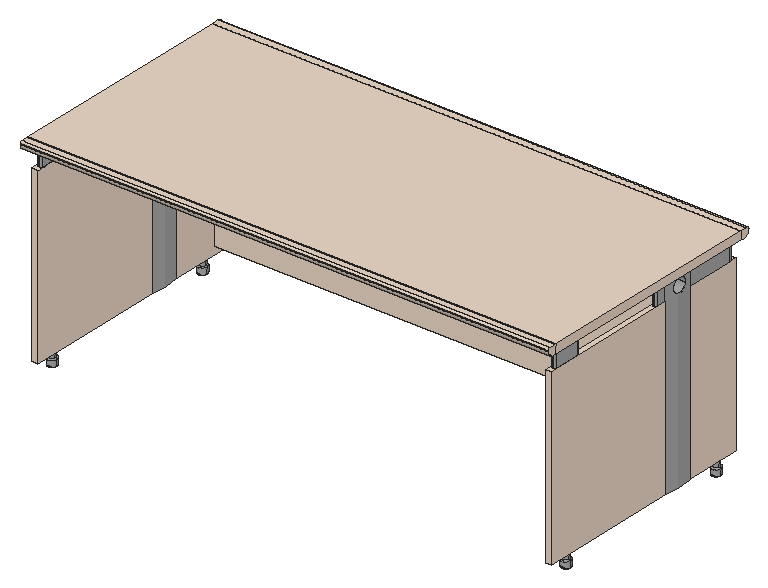
Revit family
Parameters (values of type "SD 2810 W1200*D700*H719")
  Manufacturer = "Livart"
  Model = "SD 2810"
  Width = 1800 mm
  upper face material = oak width
  side material = oak lendth
  rubber material = gray plastic
  Depth = 850 mm
  Assembly Code = ""
Reference planes
  plane 1 "중심(앞/뒤)": y = 0.273
  plane 2: z = 0
  plane 3 "중심(왼쪽/오른쪽)": x = 132.113
  plane 4: y = 425.273
  plane 5: y = -424.727
  plane 6: x = 1032.113
  plane 7: x = -767.887
  plane 8: z = 690
  plane 9: z = 719
Forms (mm)
  Extrusion 1, solid, material "oak width" <- "upper face material"
    sketch origin (0, 0, 0) x (1, 0, 0) y (0, 1, 0)
      loop
        line (-767.887, 395.273) -> (-767.887, -394.727) -> (1032.113, -394.727) -> (1032.113, 395.273) -> (-767.887, 395.273)
    from 690 to 719
  Extrusion 2, solid, material "oak width" <- "upper face material"
    sketch origin (-467.887, 0, 0) x (0, 1, 0) y (0, 0, 1)
      loop
        line (-404.727, 690) -> (-394.727, 690) -> (-394.727, 719) -> (-417.727, 719)
        arc (-417.727, 719) -> (-422.677, 716.95) -> (-424.727, 712) r 7
        line (-424.727, 712) -> (-424.727, 710)
        arc (-424.727, 710) -> (-418.869, 695.858) -> (-404.727, 690) r 20
      loop
        arc (405.273, 690) -> (419.415, 695.858) -> (425.273, 710) r 20
        line (425.273, 710) -> (425.273, 712)
        arc (425.273, 712) -> (423.223, 716.95) -> (418.273, 719) r 7
        line (418.273, 719) -> (395.273, 719) -> (395.273, 690) -> (405.273, 690)
    from -300 to 1500
  Extrusion 3, solid, material "oak lendth" <- "side material"
    sketch origin (0, 0, 0) x (1, 0, 0) y (0, 1, 0)
      loop
        line (-752.887, 395.273) -> (-752.887, 195.273) -> (-732.887, 195.273) -> (-732.887, 395.273) -> (-752.887, 395.273)
      loop
        line (-732.887, -394.727) -> (-732.887, 90.273) -> (-752.887, 90.273) -> (-752.887, -394.727) -> (-732.887, -394.727)
      loop
        line (1012.113, 395.273) -> (997.113, 395.273) -> (997.113, 195.273) -> (1012.113, 195.273) -> (1012.113, 395.273)
      loop
        line (997.113, -394.727) -> (1017.113, -394.727) -> (1017.113, 90.273) -> (997.113, 90.273) -> (997.113, -394.727)
    from 40.188 to 630
  Extrusion 4, solid, material "gray plastic" <- "rubber material"
    sketch origin (0, 0, 0) x (1, 0, 0) y (0, 1, 0)
      loop
        arc (1004.613, -274.773) -> (1001.078, -276.238) -> (999.613, -279.773) r 5
        line (999.613, -279.773) -> (999.613, -369.727)
        arc (999.613, -369.727) -> (1001.078, -373.263) -> (1004.613, -374.727) r 5
        line (1004.613, -374.727) -> (1009.613, -374.727)
        arc (1009.613, -374.727) -> (1013.149, -373.263) -> (1014.613, -369.727) r 5
        line (1014.613, -369.727) -> (1014.613, -279.773)
        arc (1014.613, -279.773) -> (1013.149, -276.238) -> (1009.613, -274.773) r 5
        line (1009.613, -274.773) -> (1004.613, -274.773)
      loop
        line (-740.387, -274.773) -> (-745.387, -274.773)
        arc (-745.387, -274.773) -> (-748.922, -276.238) -> (-750.387, -279.773) r 5
        line (-750.387, -279.773) -> (-750.387, -369.727)
        arc (-750.387, -369.727) -> (-748.922, -373.263) -> (-745.387, -374.727) r 5
        line (-745.387, -374.727) -> (-740.387, -374.727)
        arc (-740.387, -374.727) -> (-736.851, -373.263) -> (-735.387, -369.727) r 5
        line (-735.387, -369.727) -> (-735.387, -279.773)
        arc (-735.387, -279.773) -> (-736.851, -276.238) -> (-740.387, -274.773) r 5
      loop
        arc (-740.387, 55.273) -> (-736.851, 56.737) -> (-735.387, 60.273) r 5
        line (-735.387, 60.273) -> (-735.387, 90.273) -> (-750.387, 90.273) -> (-750.387, 60.273)
        arc (-750.387, 60.273) -> (-748.922, 56.737) -> (-745.387, 55.273) r 5
        line (-745.387, 55.273) -> (-740.387, 55.273)
      loop
        arc (-735.387, 370.273) -> (-736.851, 373.808) -> (-740.387, 375.273) r 5
        line (-740.387, 375.273) -> (-745.387, 375.273)
        arc (-745.387, 375.273) -> (-748.922, 373.808) -> (-750.387, 370.273) r 5
        line (-750.387, 370.273) -> (-750.387, 195.273) -> (-735.387, 195.273) -> (-735.387, 370.273)
      loop
        line (1004.613, 55.273) -> (1009.613, 55.273)
        arc (1009.613, 55.273) -> (1013.149, 56.737) -> (1014.613, 60.273) r 5
        line (1014.613, 60.273) -> (1014.613, 90.273) -> (999.613, 90.273) -> (999.613, 60.273)
        arc (999.613, 60.273) -> (1001.078, 56.737) -> (1004.613, 55.273) r 5
      loop
        line (999.613, 370.273) -> (999.613, 195.273) -> (1014.613, 195.273) -> (1014.613, 370.273)
        arc (1014.613, 370.273) -> (1013.149, 373.808) -> (1009.613, 375.273) r 5
        line (1009.613, 375.273) -> (1004.613, 375.273)
        arc (1004.613, 375.273) -> (1001.078, 373.808) -> (999.613, 370.273) r 5
    from 630 to 690
  Extrusion 5, solid, material "gray plastic" <- "rubber material"
    sketch origin (0, 0, 0) x (1, 0, 0) y (0, 1, 0)
      loop
        arc (-752.887, 195.273) -> (-758.21, 142.769) -> (-752.804, 90.273) r 259.567
        line (-752.804, 90.273) -> (-732.887, 90.273)
        arc (-732.887, 90.273) -> (-727.522, 142.773) -> (-732.887, 195.273) r 259.567
        line (-732.887, 195.273) -> (-752.887, 195.273)
      loop
        line (1017.113, 195.273) -> (997.113, 195.273)
        arc (997.113, 195.273) -> (991.748, 142.773) -> (997.113, 90.273) r 259.567
        line (997.113, 90.273) -> (1017.031, 90.273)
        arc (1017.031, 90.273) -> (1022.437, 142.769) -> (1017.113, 195.273) r 259.567
    from 40.188 to 690
  Extrusion 6, void
    sketch origin (132.113, 0, 0) x (0, 1, 0) y (0, 0, 1)
      loop
        circle (142.773, 660) r 25
    from -2188.521 to 2060.518
  Revolve 7, solid, material "gray plastic" <- "rubber material"
    sketch origin (0, 320.273, 0) x (1, 0, 0) y (0, 0, 1)
      loop
        line (-752.887, 40.188) -> (-752.887, 25.625) -> (-755.211, 25.625)
        arc (-755.211, 25.625) -> (-757.332, 24.746) -> (-758.211, 22.625) r 3
        line (-758.211, 22.625) -> (-758.211, 3)
        arc (-758.211, 3) -> (-757.332, 0.879) -> (-755.211, 0) r 3
        line (-755.211, 0) -> (-742.887, 0) -> (-742.887, 40.188) -> (-752.887, 40.188)
      axis (-742.887, 40.188) -> (-742.887, 0)
    angle from 0 to 360
  Revolve 8, solid, material "gray plastic" <- "rubber material"
    sketch origin (264.226, 320.273, 0) x (-1, 0, 0) y (0, 0, -1)
      loop
        line (-752.887, -40.188) -> (-742.887, -40.188) -> (-742.887, 0) -> (-755.211, 0)
        arc (-755.211, 0) -> (-757.332, -0.879) -> (-758.211, -3) r 3
        line (-758.211, -3) -> (-758.211, -22.625)
        arc (-758.211, -22.625) -> (-757.332, -24.746) -> (-755.211, -25.625) r 3
        line (-755.211, -25.625) -> (-752.887, -25.625) -> (-752.887, -40.188)
      axis (-742.887, -40.188) -> (-742.887, 0)
    angle from 0 to 360
  Revolve 9, solid, material "gray plastic" <- "rubber material"
    sketch origin (0, -319.727, 0) x (1, 0, 0) y (0, 0, -1)
      loop
        line (-752.887, -40.188) -> (-742.887, -40.188) -> (-742.887, 0) -> (-755.211, 0)
        arc (-755.211, 0) -> (-757.332, -0.879) -> (-758.211, -3) r 3
        line (-758.211, -3) -> (-758.211, -22.625)
        arc (-758.211, -22.625) -> (-757.332, -24.746) -> (-755.211, -25.625) r 3
        line (-755.211, -25.625) -> (-752.887, -25.625) -> (-752.887, -40.188)
      axis (-742.887, -40.188) -> (-742.887, 0)
    angle from 0 to 360
  Revolve 10, solid, material "gray plastic" <- "rubber material"
    sketch origin (264.226, -319.727, 0) x (-1, 0, 0) y (0, 0, 1)
      loop
        line (-752.887, 40.188) -> (-752.887, 25.625) -> (-755.211, 25.625)
        arc (-755.211, 25.625) -> (-757.332, 24.746) -> (-758.211, 22.625) r 3
        line (-758.211, 22.625) -> (-758.211, 3)
        arc (-758.211, 3) -> (-757.332, 0.879) -> (-755.211, 0) r 3
        line (-755.211, 0) -> (-742.887, 0) -> (-742.887, 40.188) -> (-752.887, 40.188)
      axis (-742.887, 40.188) -> (-742.887, 0)
    angle from 0 to 360
  Extrusion 11, solid, material "oak width" <- "upper face material"
    sketch origin (-0.207, 0, 0) x (1, 0, 0) y (0, 1, 0)
      loop
        line (-732.887, 375.273) -> (-732.887, 355.273) -> (997.113, 355.273) -> (997.113, 375.273) -> (-732.887, 375.273)
    from 70.164 to 630
Cuts and joins
  Extrusion 6 cuts Extrusion 1
  Extrusion 6 cuts Extrusion 2
  Extrusion 6 cuts Extrusion 3
  Extrusion 6 cuts Extrusion 4
  Extrusion 6 cuts Extrusion 5
Lines and regions (mm)
  symbolic lines
    curve 1: line (-767.887, 425.273, 0) -> (1032.113, 425.273, 0)
    curve 2: line (-767.887, -424.727, 0) -> (-767.887, 425.273, 0)
    curve 3: line (1032.113, -424.727, 0) -> (-767.887, -424.727, 0)
    curve 4: line (1032.113, 425.273, 0) -> (1032.113, -424.727, 0)
    curve 5: line (-742.887, 0, 40.188) -> (-742.887, 0, 0)
    curve 6: line (-742.887, 0, 40.188) -> (-742.887, 0, 25.625)
    curve 7: line (-742.887, 0, 25.625) -> (-778.584, 0, 25.625)
    curve 8: line (0, 395.273, 40.188) -> (0, 345.273, 40.188)
    curve 9: line (0, 345.273, 40.188) -> (0, 345.273, -54.812)
    curve 10: line (997.113, 0, 40.188) -> (997.113, 0, 70.188)
Dimensions and locks
  equal spacing: plane 7, plane 3 "중심(왼쪽/오른쪽)", plane 6
  equal spacing: plane 5, plane 1 "중심(앞/뒤)", plane 4
  "Width": plane 7 to plane 6
  "Depth": plane 5 to plane 4
  plane 9 to level = 719 mm
  aligned and locked: plane 7 to curve 1
  aligned and locked: plane 4 to curve 1
  aligned and locked: plane 5 to curve 4
  aligned and locked: plane 6 to curve 4
  aligned and locked: plane 7 to Extrusion 1 sketch curve
  aligned and locked: plane 6 to Extrusion 1 sketch curve
  aligned and locked: plane 9 to Extrusion 2
  aligned and locked: Extrusion 1 to Extrusion 2  (x2)
  aligned and locked: plane 7 to Extrusion 2
  aligned and locked: Extrusion 2 to plane 6
  aligned and locked: Extrusion 1 to plane 9
  aligned and locked: cut or joined group of Extrusion 1, Extrusion 6 to cut or joined group of Extrusion 2, Extrusion 6
  aligned and locked: cut or joined group of Extrusion 2, Extrusion 6 to cut or joined group of Extrusion 2, Extrusion 6
Automatic sketch dimensions
  Extrusion 1 sketch curve to plane 5 = 30 mm
  plane 4 to Extrusion 1 sketch curve = 30 mm
  Extrusion 2 sketch curve to plane 5 = 0 mm
  Extrusion 2 sketch curve to plane 4 = 0 mm
  Extrusion 2 sketch curve to Extrusion 2 sketch curve = 7 mm  (x2)
  Extrusion 2 sketch curve to plane 5 = 20 mm
  Extrusion 2 sketch curve to Extrusion 2 sketch curve = 10 mm  (x2)
  plane 4 to Extrusion 2 sketch curve = 30 mm
  level to Extrusion 2 sketch curve = 690 mm  (x2)
  Extrusion 2 sketch curve to Extrusion 2 sketch curve = 2 mm  (x2)
  Extrusion 3 sketch curve to plane 7 = 15 mm  (x2)
  Extrusion 3 sketch curve to Extrusion 3 sketch curve = 20 mm  (x2)
  Extrusion 3 sketch curve to plane 5 = 30 mm  (x2)
  Extrusion 3 sketch curve to plane 1 "중심(앞/뒤)" = 90 mm  (x2)
  Extrusion 3 sketch curve to Extrusion 3 sketch curve = 105 mm  (x2)
  plane 4 to Extrusion 3 sketch curve = 30 mm  (x2)
  plane 6 to Extrusion 3 sketch curve = 35 mm  (x2)
  plane 6 to Extrusion 3 sketch curve = 15 mm
  plane 6 to Extrusion 3 sketch curve = 20 mm
  Extrusion 4 sketch curve to plane 7 = 17.5 mm  (x3)
  Extrusion 4 sketch curve to Extrusion 4 sketch curve = 5 mm  (x22)
  plane 6 to Extrusion 4 sketch curve = 32.5 mm  (x3)
  Extrusion 4 sketch curve to plane 5 = 50 mm  (x2)
  Extrusion 4 sketch curve to Extrusion 4 sketch curve = 89.954 mm  (x2)
  Extrusion 4 sketch curve to plane 1 "중심(앞/뒤)" = 55 mm  (x2)
  Extrusion 4 sketch curve to Extrusion 4 sketch curve = 30 mm  (x2)
  Extrusion 4 sketch curve to Extrusion 4 sketch curve = 105 mm  (x2)
  plane 4 to Extrusion 4 sketch curve = 55 mm  (x2)
  plane 7 to Extrusion 5 sketch curve = 219.202 mm
  Extrusion 5 sketch curve to plane 7 = 15 mm
  Extrusion 5 sketch curve to plane 7 = 15.082 mm
  Extrusion 5 sketch curve to Extrusion 5 sketch curve = 19.918 mm
  Extrusion 5 sketch curve to Extrusion 5 sketch curve = 20 mm
  Extrusion 5 sketch curve to Extrusion 5 sketch curve = 234.243 mm
  Extrusion 5 sketch curve to plane 1 "중심(앞/뒤)" = 90 mm  (x2)
  Extrusion 5 sketch curve to plane 1 "중심(앞/뒤)" = 142.5 mm
  Extrusion 5 sketch curve to plane 1 "중심(앞/뒤)" = 142.7 mm
  plane 6 to Extrusion 5 sketch curve = 269.243 mm
  plane 6 to Extrusion 5 sketch curve = 35 mm  (x2)
  plane 6 to Extrusion 5 sketch curve = 15.082 mm
  plane 6 to Extrusion 5 sketch curve = 15 mm
  Extrusion 5 sketch curve to plane 6 = 219.202 mm
  plane 8 to Extrusion 6 sketch curve = 30 mm
  Extrusion 6 sketch curve to plane 1 "중심(앞/뒤)" = 142.5 mm
  Revolve 7 sketch curve to plane 7 = 9.676 mm
  Revolve 7 sketch curve to Revolve 7 sketch curve = 3 mm  (x2)
  Revolve 7 sketch curve to Revolve 7 sketch curve = 2.324 mm
  Revolve 7 sketch curve to Revolve 7 sketch curve = 10 mm
  level to Revolve 7 sketch curve = 55.188 mm
  Revolve 7 sketch curve to Revolve 7 sketch curve = 0 mm
  level to Revolve 7 sketch curve = 40.188 mm
  Revolve 7 sketch curve to Revolve 7 sketch curve = 14.563 mm
  Revolve 7 sketch curve to Revolve 7 sketch curve = 19.625 mm
  Revolve 7 sketch curve to Revolve 7 sketch curve = 39.812 mm
  plane 4 to curve 8 = 80 mm
  plane 4 to curve 8 = 30 mm
  curve 9 to level = 54.812 mm
  level to curve 9 = 40.188 mm
  Revolve 8 sketch curve to level = 0 mm
  level to Revolve 8 sketch curve = 3 mm
  plane 6 to Revolve 8 sketch curve = 9.676 mm
  Revolve 8 sketch curve to Revolve 8 sketch curve = 3 mm
  Revolve 8 sketch curve to Revolve 8 sketch curve = 2.324 mm
  Revolve 8 sketch curve to Revolve 8 sketch curve = 10 mm
  Revolve 8 sketch curve to Revolve 8 sketch curve = 0 mm
  Revolve 8 sketch curve to Revolve 8 sketch curve = 19.625 mm
  Revolve 8 sketch curve to Revolve 8 sketch curve = 14.563 mm
  Revolve 8 sketch curve to Revolve 8 sketch curve = 15 mm
  Revolve 8 sketch curve to level = 39.812 mm
  Revolve 9 sketch curve to level = 0 mm
  level to Revolve 9 sketch curve = 3 mm
  Revolve 9 sketch curve to plane 7 = 9.676 mm
  Revolve 9 sketch curve to Revolve 9 sketch curve = 3 mm
  Revolve 9 sketch curve to Revolve 9 sketch curve = 2.324 mm
  Revolve 9 sketch curve to Revolve 9 sketch curve = 10 mm
  Revolve 9 sketch curve to Revolve 9 sketch curve = 0 mm
  Revolve 9 sketch curve to Revolve 9 sketch curve = 19.625 mm
  Revolve 9 sketch curve to Revolve 9 sketch curve = 14.563 mm
  Revolve 9 sketch curve to Revolve 9 sketch curve = 15 mm
  Revolve 9 sketch curve to level = 39.812 mm
  Revolve 10 sketch curve to level = 0 mm
  level to Revolve 10 sketch curve = 3 mm
  plane 6 to Revolve 10 sketch curve = 9.676 mm
  Revolve 10 sketch curve to Revolve 10 sketch curve = 3 mm
  Revolve 10 sketch curve to Revolve 10 sketch curve = 2.324 mm
  Revolve 10 sketch curve to Revolve 10 sketch curve = 10 mm
  Revolve 10 sketch curve to Revolve 10 sketch curve = 0 mm
  Revolve 10 sketch curve to level = 39.812 mm
  Revolve 10 sketch curve to Revolve 10 sketch curve = 19.625 mm
  Revolve 10 sketch curve to Revolve 10 sketch curve = 14.563 mm
  Revolve 10 sketch curve to Revolve 10 sketch curve = 15 mm
  plane 6 to Extrusion 11 sketch curve = 35.207 mm
  plane 4 to Extrusion 11 sketch curve = 70 mm
  Extrusion 11 sketch curve to Extrusion 11 sketch curve = 20 mm
  Extrusion 11 sketch curve to plane 7 = 34.793 mm
  curve 5 to level = 0 mm
  plane 7 to curve 7 = 10.697 mm
  curve 5 to plane 7 = 25 mm
  plane 6 to curve 10 = 35 mm
  level to curve 7 = 25.625 mm
  curve 6 to curve 6 = 14.563 mm
  level to curve 10 = 40.188 mm
  curve 10 to curve 10 = 30 mm
  radius of Extrusion 6 sketch curve = 25 mm
